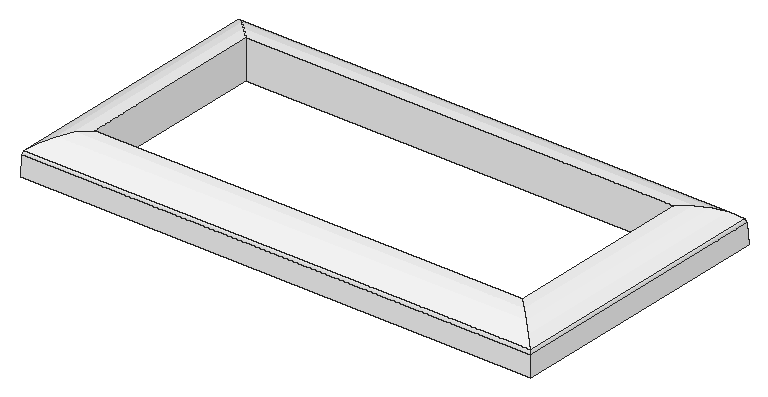
Revit family "Gira_100203", category Electrical Fixtures, host Face, Revit 2017
Family settings
  Host = Face
  Maintain Annotation Orientation = No
  Round Connector Dimension = Use Diameter
  Part Type = Normal
  Cut with Voids When Loaded = No
  Shared = No
  Room Calculation Point = No
Parameters (values of type "Cov.fr. 2-g w/o cb Standard 55 p.white")
  With mounting grid = "No"
  With hinged lid = "No"
  URL = "http://katalog.gira.de/en/datenblatt.html?artikelnr=100203"
  Type of fastening = "Clamp mounting"
  Transparent = "No"
  Surface protection = "Other"
  Surface finishing = "Glossy"
  Suitable for wall duct = "No"
  Suitable for flush-mounted installation = "Yes"
  Suitable for floor box = "No"
  Suitable for built-in installation = "No"
  RAL-number (akin) = "9010"
  Number of units vertical = "2"
  Number of units horizontal = "2"
  Number of units = "2"
  Name = "Cov.fr. 2-g w/o cb Standard 55 p.white"
  Mounting direction = "Horizontal and vertical"
  Material quality = "Thermoplastic"
  Material = "Plastic"
  Manufacturer URL = "https://www.gira.de/"
  Manufacturer = "Gira"
  Label space/information surface = "No"
  Keynote = ""
  HeinzeBIM = "https://bimportal.heinze.de/bim/cov-fr-2-g-w-o-cb-standard-55-p-white/eaaa49f1161d745268bbc41feb7d3367b3363149"
  Halogen free = "Yes"
  HAN = "100203"
  GTIN = "4010337001607"
  Description = "Cov.fr.2g w o cb Std55 PW,Gira Standard 55 cover frame,pure white glossy,2-gang without crossbar,Features:,- Shatter-proof.,,Notes :,- Also suitable for duct installation.,- In connection with the seal kit, frame (1-gang to 5-gang) is also suitable for installation as water-protected flush-mounted IP44."
  Degree of protection (IP) = "IP20"
  Default Elevation = 1219.2 mm
  Data sheet (1) = "https://katalog.gira.de/en/download.html?artikelnr=100203"
  Colour = "White"
  Category = "Cover frame for domestic switching devices"
  BIM (1) = "https://media.stage.bim.site/public/gira/36a6b08/Std55_Rahmen_2fach o.Mittelsteg.rfa?public/gira/36a6b08/Std55_Rahmen_2fach o.Mittelsteg.rfa"
  Available = "No"
Reference planes
  plane 1 "Center (Front/Back)": y = 0
  plane 2: z = 0
  plane 3 "Center (Left/Right)": x = 0
  plane 4: y = -75.9
  plane 5: y = 75.9
  plane 6: x = -40.3
  plane 7: x = 40.3
Forms (mm)
  Sweep 1, solid, material "White", detail levels fine
    path origin (0, 0, 0) x (0, -1, 0) y (1, 0, 0)
      loop
        line (40.3, 75.9) -> (-40.3, 75.9) -> (-40.3, -75.9) -> (40.3, -75.9) -> (40.3, 75.9)
    profile origin (75.9, 0, 0) x (-1, 0, 0) y (0, 0, 1)
      loop
        arc (12.22, 11.373) -> (5.983, 10.294) -> (0.641, 6.901) r 16.145
        arc (0.641, 6.901) -> (0.395, 6.426) -> (0.309, 5.898) r 1.694
        line (0.309, 5.898) -> (0, 0) -> (12.319, 0) -> (12.22, 11.373)
  Extrusion 2, solid, material "White", detail levels coarse+medium
    sketch origin (0, 0, 0) x (0, -1, 0) y (1, 0, 0)
      loop
        line (40.3, 75.9) -> (-40.3, 75.9) -> (-40.3, -75.9) -> (40.3, -75.9) -> (40.3, 75.9)
    from 0 to 11.373
Dimensions and locks
  aligned and locked: plane 2 to host face
  aligned and locked: level to host face
